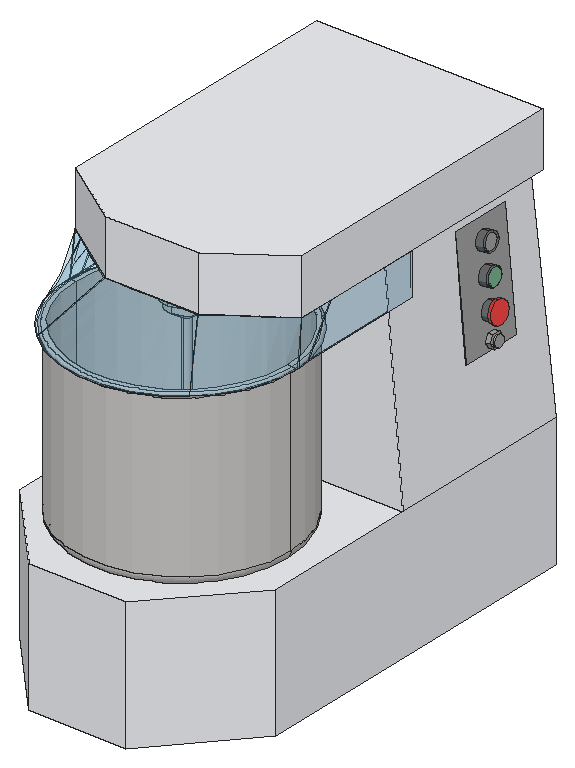
Revit family "QF_ELECTROLUXPROFESSIONAL_291252_ZSP25", category Specialty Equipment, Revit 2018
Family settings
  Round Connector Dimension = Use Diameter
  Part Type = Normal
  Work Plane-Based = No
  Always vertical = Yes
  Cut with Voids When Loaded = No
  Shared = No
  Room Calculation Point = No
Parameters (values of type "QF_ELECTROLUX_291252_ZSP25")
  Weight = 72.00 kg
  Watts = 0 W
  Volts = 400 V
  URL Manufacturer = "http://professional.electrolux.com"
  URL = "http://professional.electrolux.com"
  Steam Supply Size = 0 mm
  Steam Supply Minimum Pressure = 0.0 Pa
  Steam Supply Maximum Pressure = 0.0 Pa
  Steam Pounds per Hour = 0
  Refrigeration Suction Line Size = 0 mm
  Refrigeration Liquid Line Size = 0 mm
  Refrigerant Compressor Remote = yes
  Manufacturer = "Electrolux"
  Phase = 3
  Model = "ZSP25"
  Length Actual = 420 mm  # constant formula
  Item Number = "291252"
  Hot Water Size = 0 mm
  Height Actual = 670 mm  # constant formula
  HP = "1 HP"
  Gas Size = 0 mm
  Gas KW = 0
  Gas Input Pressure = 0 W
  Direct Waste Size = 0 mm
  Description = "SPIRAL DOUGH KNEADER 32L 1SP.400/3"
  Depth Actual = 720 mm  # constant formula
  Cycle = 50 Hz
  Condensate Return Size = 0 mm
  Compressed Air Volume = 0.0 L/s
  Compressed Air Size = 0 mm
  Compressed Air Pressure = 0.0 Pa
  Cold Water Size = 0 mm
  Accessory = yes
Types (2, lengths in mm): name | URL | Manufacturer | Phase | Model | Description
  (no name) | 0 | 0 | 0 | 0 | 0
  QF_ELECTROLUX_291252_ZSP25 | "http://professional.electrolux.com" | "Electrolux" | 3 | "ZSP25" | "SPIRAL DOUGH KNEADER 32L 1SP.400/3"
Values of the unnamed type that differ from the named types
  Volts = 0 V
  URL Manufacturer = ""
  Item Number = ""
  Cycle = 0 Hz
Reference planes
  plane 1 "Center (Front/Back)": y = 0
  plane 2: z = 0
  plane 3 "Center (Left/Right)": x = 0
  plane 4 "BASE": z = 225
  plane 5 "TOP": z = 670
  plane 6 "FRONT": y = -360
  plane 7 "BACK": y = 360
  plane 8 "LEFT": x = -210
  plane 9 "RIGHT": x = 210
  plane 10: z = 580
  plane 11 "CX": y = -145
  plane 12 "PANEL": through (215.128, -1524, 223.684) normal (-0.9953, 0, -0.0967)
Forms (mm)
  Extrusion 1, solid, material "QF_Finishes_White"
    sketch origin (0, 0, 0) x (1, 0, 0) y (0, 1, 0)
      loop
        line (-190, 340) -> (-190, 300) -> (-170, 300) -> (-170, 340) -> (-190, 340)
      loop
        line (-190, -165) -> (-190, -205) -> (-170, -205) -> (-170, -165) -> (-190, -165)
      loop
        line (190, 340) -> (170, 340) -> (170, 300) -> (190, 300) -> (190, 340)
      loop
        line (190, -165) -> (170, -165) -> (170, -205) -> (190, -205) -> (190, -165)
    from 0 to 10
  Extrusion 2, solid, material "QF_Finishes_White"
    sketch origin (0, 0, 0) x (1, 0, 0) y (0, 1, 0)
      loop
        line (-210, 360) -> (-210, -215) -> (-80, -360) -> (80, -360) -> (210, -215) -> (210, 360) -> (-210, 360)
    from 225 to 10
  Blend 3, solid, material "QF_Finishes_White"
    base sketch origin (0, 0, 0) x (1, 0, 0) y (0, 1, 0)
      loop
        line (-210, 360) -> (-210, 45) -> (210, 45) -> (210, 360) -> (-210, 360)
    top sketch origin (0, 0, 0) x (1, 0, 0) y (0, 1, 0)
      loop
        line (-180.517, 345) -> (-180.517, 45) -> (180.517, 45) -> (180.517, 345) -> (-180.517, 345)
    from 225 to 580
  Extrusion 4, solid, material "QF_Finishes_White"
    sketch origin (0, 0, 0) x (1, 0, 0) y (0, 1, 0)
      loop
        line (-185, 363.664) -> (-185, -130.435) -> (-76.176, -206.259) -> (76.175, -206.259) -> (185, -130.494) -> (185, 363.664) -> (-185, 363.664)
    from 670 to 580
  Revolve 5, solid, material "QF_Finishes_Stainless Steel"
    sketch origin (0, 20.508, -90) x (0, 1, 0) y (0, 0, 1)
      loop
        line (-116.74, 670) -> (-155.508, 670) -> (-155.508, 404.668) -> (-149.084, 404.668) -> (-149.084, 609.668) -> (-124.213, 626.444) -> (-124.213, 641.444) -> (-116.74, 641.444) -> (-116.74, 670)
      axis (-155.508, 404.668) -> (-155.508, 670)
    angle from 0 to 360
  Revolve 6, solid, material "QF_Finishes_Stainless Steel"
    sketch origin (0, -145, 0) x (0, 0, 1) y (1, 0, 0)
      loop
        line (513.04, 174.01) -> (513.04, 181.448)
        arc (513.04, 181.448) -> (509.488, 185) -> (505.937, 181.448) r 3.552
        line (505.937, 181.448) -> (505.937, 179.01) -> (240.325, 179.01)
        arc (240.325, 179.01) -> (229.489, 174.522) -> (225, 163.685) r 15.325
        line (225, 163.685) -> (225, 0) -> (230, 0) -> (230, 163.685)
        arc (230, 163.685) -> (233.024, 170.986) -> (240.325, 174.01) r 10.325
        line (240.325, 174.01) -> (513.04, 174.01)
      axis (225, 0) -> (513.04, 0)
    angle from 0 to 360
  Extrusion 7, solid, material "QF_Finishes_Gray"
    sketch origin (226.424, 0, 107.394) x (0.09668, 0, -0.995315) y (0, -1, 0)
      loop
        line (-459.766, -187.929) -> (-459.766, -287.929) -> (-269.766, -287.929) -> (-269.766, -187.929) -> (-459.766, -187.929)
    from 0 to -2
  Extrusion 8, solid, material "QF_Finishes_Rubber Black"
    sketch origin (226.424, 0, 107.394) x (0.09668, 0, -0.995315) y (0, -1, 0)
      loop
        circle (-428.413, -237.929) r 15
      loop
        circle (-428.413, -237.929) r 13
      loop
        circle (-378.413, -237.929) r 15
      loop
        circle (-378.413, -237.929) r 13
      loop
        circle (-328.413, -237.929) r 15
      loop
        circle (-328.413, -237.929) r 13
    from -2 to -16.389
  Extrusion 9, solid, material "QF_Finishes_Gray"
    sketch origin (226.424, 0, 107.394) x (0.09668, 0, -0.995315) y (0, -1, 0)
      loop
        circle (-428.413, -237.929) r 13
    from -2 to -16.389
  Extrusion 10, solid, material "QF_Finishes_Green"
    sketch origin (232.876, 0, 57.812) x (0.09668, 0, -0.995315) y (0, -1, 0)
      loop
        circle (-428.413, -237.929) r 13
    from -2 to -16.389
  Extrusion 11, solid, material "QF_Finishes_Red"
    sketch origin (226.424, 0, 107.394) x (0.09668, 0, -0.995315) y (0, -1, 0)
      loop
        circle (-328.413, -237.929) r 18
    from -16.389 to -20.985
  Extrusion 12, solid, material "QF_Finishes_Gray"
    sketch origin (226.424, 0, 107.394) x (0.09668, 0, -0.995315) y (0, -1, 0)
      loop
        line (-286.257, -250.541) -> (-275.335, -244.235) -> (-275.335, -231.623) -> (-286.257, -225.318) -> (-297.179, -231.623) -> (-297.179, -244.235) -> (-286.257, -250.541)
      loop
        circle (-286.257, -237.929) r 9
    from -12.471 to -2
  Extrusion 13, solid, material "QF_Finishes_Gray"
    sketch origin (226.424, 0, 107.394) x (0.09668, 0, -0.995315) y (0, -1, 0)
      loop
        circle (-286.257, -237.929) r 9
    from -2 to -16.389
  Extrusion 14, solid, material "QF_Finishes_Stainless Steel"
    sketch origin (0, 360, 0) x (-1, 0, 0) y (0, 0, 1)
      loop
        circle (0, 160) r 10
    from 0 to 3.664
  Blend 15, solid, material "Glass"
    base sketch origin (0, 0, 0) x (1, 0, 0) y (0, 1, 0)
      loop
        line (-185, 94.595) -> (-187, 94.595) -> (-187, -117.506)
        arc (-187, -117.506) -> (-188.298, -128.609) -> (-188.938, -139.768) r 189.01
        arc (-188.938, -139.768) -> (-173.519, -219.941) -> (-125.725, -286.132) r 189.01
        arc (-125.725, -286.132) -> (0, -334.01) -> (125.725, -286.132) r 189.01
        arc (125.725, -286.132) -> (173.519, -219.941) -> (188.938, -139.768) r 189.01
        arc (188.938, -139.768) -> (188.298, -128.609) -> (187, -117.506) r 189.01
        line (187, -117.506) -> (187, 94.595) -> (185, 94.595) -> (185, -117.653)
        arc (185, -117.653) -> (186.299, -128.71) -> (186.939, -139.824) r 187.01
        arc (186.939, -139.824) -> (171.683, -219.148) -> (124.394, -284.638) r 187.01
        arc (124.394, -284.638) -> (0, -332.01) -> (-124.394, -284.638) r 187.01
        arc (-124.394, -284.638) -> (-171.683, -219.148) -> (-186.939, -139.824) r 187.01
        arc (-186.939, -139.824) -> (-186.299, -128.71) -> (-185, -117.653) r 187.01
        line (-185, -117.653) -> (-185, 94.595)
    top sketch origin (0, 0, 0) x (1, 0, 0) y (0, 1, 0)
      loop
        line (-185, 94.595) -> (-187, 94.595) -> (-187, -70.405) -> (-187, -131.616) -> (-77, -208.259) -> (77, -208.259) -> (187, -131.675) -> (187, -70.405) -> (187, 94.595) -> (185, 94.595) -> (185, -70.405) -> (185, -130.631) -> (76.372, -206.259) -> (-76.372, -206.259) -> (-185, -130.572) -> (-185, -70.405) -> (-185, 94.595)
    from 510 to 580
Lines and regions (mm)
  symbolic lines
    curve 1: line (210, 360, 0) -> (-210, 360, 0)
    curve 2: line (-210, 360, 0) -> (-210, -215, 0)
    curve 3: line (-170.116, 360, 0) -> (-170.116, -138.643, 0)
    curve 4: line (170, -138.759, 0) -> (170, 360, 0)
    curve 5: arc (170, -62.387, 0) -> (0.133, -334.01, 0) -> (-170.116, -62.627, 0) r 189.01
    curve 6: line (-170.116, -138.643, 0) -> (-77, -208.259, 0)
    curve 7: line (77, -208.259, 0) -> (170, -138.759, 0)
    curve 8: line (80, -360, 0) -> (210, -215, 0)
    curve 9: line (-80, -360, 0) -> (80, -360, 0)
    curve 10: line (-210, -215, 0) -> (-80, -360, 0)
    curve 11: line (182.52, 287.929, 0) -> (170, 287.929, 0)
    curve 12: line (170, 187.929, 0) -> (182.52, 187.929, 0)
    curve 13: line (182.52, 187.929, 0) -> (182.52, 287.929, 0)
    curve 14: line (210, -215, 0) -> (210, 360, 0)
    curve 15: line (-170.116, 45, 0) -> (-210, 45, 0)
    curve 16: line (170, 45, 0) -> (210, 45, 0)
    curve 17: line (-77, -208.259, 0) -> (77, -208.259, 0)
Dimensions and locks
  plane 4 "BASE" to level = 225 mm
  plane 5 "TOP" to level = 670 mm  (x2)
  equal spacing: plane 8 "LEFT", plane 3 "Center (Left/Right)", plane 9 "RIGHT"
  equal spacing: plane 7 "BACK", plane 1 "Center (Front/Back)", plane 6 "FRONT"
  plane 7 "BACK" to plane 6 "FRONT" = 720 mm
  plane 8 "LEFT" to plane 9 "RIGHT" = 420 mm
  plane 5 "TOP" to plane 10 = 90 mm
  plane 6 "FRONT" to plane 11 "CX" = 215 mm
  plane 11 "CX" to plane 6 "FRONT" = 215 mm
  plane 10 to level = 580 mm
  aligned and locked: level to plane 2
Automatic sketch dimensions
  plane 8 "LEFT" to Extrusion 1 sketch curve = 20 mm  (x2)
  Extrusion 1 sketch curve to Extrusion 1 sketch curve = 20 mm  (x3)
  plane 9 "RIGHT" to Extrusion 1 sketch curve = 40 mm  (x2)
  Extrusion 1 sketch curve to plane 7 "BACK" = 20 mm  (x2)
  plane 9 "RIGHT" to Extrusion 1 sketch curve = 20 mm
  Extrusion 1 sketch curve to plane 7 "BACK" = 60 mm
  Extrusion 1 sketch curve to Extrusion 1 sketch curve = 40 mm  (x3)
  Extrusion 1 sketch curve to plane 11 "CX" = 20 mm  (x2)
  plane 8 "LEFT" to Extrusion 2 sketch curve = 0 mm
  plane 9 "RIGHT" to Extrusion 2 sketch curve = 0 mm
  Extrusion 2 sketch curve to plane 11 "CX" = 70 mm  (x2)
  Extrusion 2 sketch curve to plane 7 "BACK" = 0 mm
  plane 6 "FRONT" to Extrusion 2 sketch curve = 0 mm
  Extrusion 2 sketch curve to plane 3 "Center (Left/Right)" = 80 mm
  Extrusion 2 sketch curve to Extrusion 2 sketch curve = 0 mm  (x2)
  plane 3 "Center (Left/Right)" to Extrusion 2 sketch curve = 80 mm
  plane 8 "LEFT" to Blend 3 sketch curve = 0 mm
  plane 9 "RIGHT" to Blend 3 sketch curve = 0 mm
  Blend 3 sketch curve to plane 1 "Center (Front/Back)" = 45 mm  (x2)
  Blend 3 sketch curve to plane 7 "BACK" = 0 mm
  plane 8 "LEFT" to Blend 3 sketch curve = 29.483 mm
  plane 9 "RIGHT" to Blend 3 sketch curve = 29.483 mm
  Blend 3 sketch curve to plane 7 "BACK" = 15 mm
  Revolve 5 sketch curve to plane 10 = 0 mm
  plane 11 "CX" to Revolve 5 sketch curve = 10 mm  (x2)
  Revolve 5 sketch curve to Revolve 5 sketch curve = 6.424 mm
  Revolve 5 sketch curve to Revolve 5 sketch curve = 24.871 mm
  Revolve 5 sketch curve to Revolve 5 sketch curve = 7.472 mm
  Revolve 5 sketch curve to plane 10 = 28.556 mm
  Revolve 5 sketch curve to Revolve 5 sketch curve = 15 mm
  Revolve 5 sketch curve to Revolve 5 sketch curve = 16.776 mm
  plane 4 "BASE" to Revolve 5 sketch curve = 89.668 mm
  Revolve 5 sketch curve to plane 10 = 15 mm
  Revolve 5 sketch curve to Revolve 5 sketch curve = 10 mm
  Revolve 6 sketch curve to Revolve 6 sketch curve = 0 mm  (x2)
  Revolve 6 sketch curve to plane 4 "BASE" = 0 mm
  Revolve 6 sketch curve to plane 3 "Center (Left/Right)" = 0 mm  (x2)
  plane 4 "BASE" to Revolve 6 sketch curve = 5 mm
  Revolve 6 sketch curve to Revolve 6 sketch curve = 10.325 mm
  plane 9 "RIGHT" to Revolve 6 sketch curve = 30.99 mm
  Revolve 6 sketch curve to plane 10 = 74.063 mm
  Revolve 6 sketch curve to Revolve 6 sketch curve = 3.552 mm
  Revolve 6 sketch curve to Revolve 6 sketch curve = 2.438 mm
  Revolve 6 sketch curve to Revolve 6 sketch curve = 15.605 mm
  plane 5 "TOP" to Revolve 6 sketch curve = 25.605 mm
  Extrusion 7 sketch curve to plane 7 "BACK" = 72.071 mm
  Extrusion 7 sketch curve to Extrusion 7 sketch curve = 190 mm
  Extrusion 7 sketch curve to Extrusion 7 sketch curve = 100 mm
  Extrusion 8 sketch curve to Extrusion 8 sketch curve = 0 mm  (x8)
  Extrusion 8 sketch curve to plane 7 "BACK" = 122.071 mm
  Extrusion 8 sketch curve to Extrusion 8 sketch curve = 50 mm  (x2)
  Extrusion 9 sketch curve to plane 7 "BACK" = 122.071 mm
  Extrusion 10 sketch curve to plane 7 "BACK" = 122.071 mm
  Extrusion 11 sketch curve to plane 7 "BACK" = 122.071 mm
  Extrusion 12 sketch curve to plane 7 "BACK" = 128.377 mm
  Extrusion 12 sketch curve to plane 7 "BACK" = 134.682 mm
  Extrusion 12 sketch curve to Extrusion 12 sketch curve = 10.922 mm  (x3)
  Extrusion 12 sketch curve to plane 7 "BACK" = 109.459 mm
  Extrusion 12 sketch curve to Extrusion 12 sketch curve = 0 mm
  Extrusion 12 sketch curve to Extrusion 12 sketch curve = 6.306 mm  (x3)
  Extrusion 12 sketch curve to Extrusion 12 sketch curve = 12.612 mm
  Extrusion 13 sketch curve to plane 7 "BACK" = 122.071 mm
  Extrusion 14 sketch curve to plane 3 "Center (Left/Right)" = 0 mm
  Extrusion 14 sketch curve to plane 4 "BASE" = 65 mm
  Blend 15 sketch curve to Blend 15 sketch curve = 0 mm  (x93)
  Blend 15 sketch curve to plane 3 "Center (Left/Right)" = 0 mm
  Blend 15 sketch curve to plane 11 "CX" = 0 mm
  plane 8 "LEFT" to Blend 15 sketch curve = 25 mm
  Blend 15 sketch curve to Blend 15 sketch curve = 2 mm  (x5)
  plane 9 "RIGHT" to Blend 15 sketch curve = 25 mm  (x2)
  plane 1 "Center (Front/Back)" to Blend 15 sketch curve = 117.653 mm
  Blend 15 sketch curve to Blend 15 sketch curve = 0.147 mm
  Blend 15 sketch curve to plane 1 "Center (Front/Back)" = 94.595 mm  (x4)
  plane 6 "FRONT" to Blend 15 sketch curve = 75.362 mm  (x2)
  Blend 15 sketch curve to Blend 15 sketch curve = 1.33 mm  (x2)
  plane 11 "CX" to Blend 15 sketch curve = 5.176 mm  (x2)
  Blend 15 sketch curve to Blend 15 sketch curve = 1.999 mm  (x2)
  plane 8 "LEFT" to Blend 15 sketch curve = 23 mm
  Blend 15 sketch curve to plane 3 "Center (Left/Right)" = 76.372 mm
  plane 3 "Center (Left/Right)" to Blend 15 sketch curve = 76.372 mm
  Blend 15 sketch curve to Blend 15 sketch curve = 0.628 mm  (x2)
  Blend 15 sketch curve to plane 11 "CX" = 63.259 mm
  plane 11 "CX" to Blend 15 sketch curve = 13.325 mm
  plane 11 "CX" to Blend 15 sketch curve = 13.384 mm
  Blend 15 sketch curve to Blend 15 sketch curve = 1.044 mm
  Blend 15 sketch curve to Blend 15 sketch curve = 60.167 mm
  Blend 15 sketch curve to Blend 15 sketch curve = 61.27 mm
  Blend 15 sketch curve to Blend 15 sketch curve = 1.045 mm
  curve 1 to plane 7 "BACK" = 0 mm
  curve 1 to plane 8 "LEFT" = 0 mm
  curve 10 to plane 6 "FRONT" = 0 mm
  curve 5 to plane 3 "Center (Left/Right)" = 0 mm
  curve 8 to plane 9 "RIGHT" = 0 mm
  curve 5 to plane 11 "CX" = 0 mm
  plane 11 "CX" to curve 6 = 6.357 mm
  plane 8 "LEFT" to curve 6 = 39.884 mm
  curve 10 to plane 3 "Center (Left/Right)" = 80 mm
  plane 3 "Center (Left/Right)" to curve 9 = 80 mm
  plane 11 "CX" to curve 4 = 6.241 mm
  plane 9 "RIGHT" to curve 4 = 40 mm
  curve 11 to curve 11 = 12.52 mm
  curve 14 to plane 11 "CX" = 70 mm
  curve 10 to plane 11 "CX" = 70 mm
  curve 12 to plane 7 "BACK" = 172.071 mm
  curve 13 to plane 7 "BACK" = 72.071 mm
  curve 17 to plane 3 "Center (Left/Right)" = 77 mm
  plane 3 "Center (Left/Right)" to curve 7 = 77 mm
  curve 17 to plane 11 "CX" = 63.259 mm
  plane 1 "Center (Front/Back)" to curve 5 = 62.627 mm
  curve 16 to plane 1 "Center (Front/Back)" = 45 mm
  curve 15 to plane 1 "Center (Front/Back)" = 45 mm
  plane 7 "BACK" to Extrusion 4 sketch curve = 3.664 mm
  plane 8 "LEFT" to Extrusion 4 sketch curve = 25 mm
  plane 9 "RIGHT" to Extrusion 4 sketch curve = 25 mm
  plane 11 "CX" to Extrusion 4 sketch curve = 14.565 mm
  plane 11 "CX" to Extrusion 4 sketch curve = 14.506 mm
  Extrusion 4 sketch curve to plane 3 "Center (Left/Right)" = 76.176 mm
  plane 3 "Center (Left/Right)" to Extrusion 4 sketch curve = 76.175 mm
  Extrusion 4 sketch curve to plane 11 "CX" = 61.259 mm
  radius of Extrusion 8 sketch curve = 15 mm  (x3)
  radius of Extrusion 8 sketch curve = 13 mm  (x3)
  radius of Extrusion 9 sketch curve = 13 mm
  radius of Extrusion 10 sketch curve = 13 mm
  radius of Extrusion 11 sketch curve = 18 mm
  radius of Extrusion 12 sketch curve = 9 mm
  radius of Extrusion 13 sketch curve = 9 mm
  radius of Extrusion 14 sketch curve = 10 mm
Connectors
  electrical at (0, 363.664, 160), driven by "Volts"
    settings: on Extrusion 14, index 1, voltage 400 V, apparent load 0 VA, apparent load phase1 0 VA, apparent load phase2 0 VA, apparent load phase3 0 VA, power factor 1, load classification "Other", number of poles 1, system type 30, power factor state 1, is connector primary yes, connector utility no, sub classification motor no, connector description "Electrical Connection"
